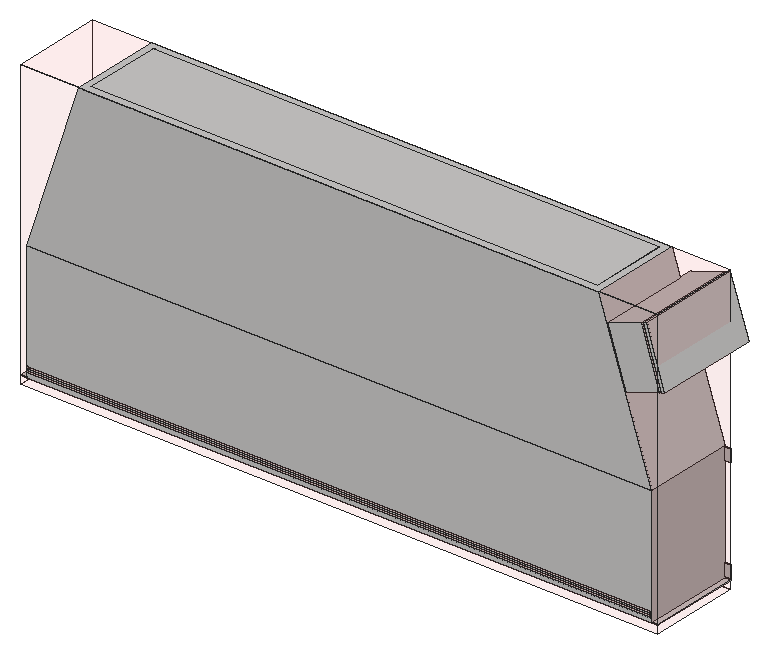
Revit family "Air-Curtain_Climate-Control_PoweredAire_TGD", category Mechanical Equipment, host Face, Revit 2020
Family settings
  Host = Face
  Round Connector Dimension = Use Diameter
  Part Type = Normal
  OmniClass Number = 23.75.35.17.21
  OmniClass Title = Air Curtains
  Cut with Voids When Loaded = No
  Shared = No
  Room Calculation Point = No
Parameters (values of type "144'' Nozzle")
  upperrotation [instance] = 0.00°
  lowerrotation [instance] = 0.00°
  locateupperpipe [instance] = 0' - 0"
  locatelowerpipe [instance] = 0' - 0"
  Warranty Duration (Years) = 0
  Unit Width Notes = "Other Widths available."  # constant formula
  Unit Width = 12' - 3 7/32"
  Unit Weight = 860
  Unit Height = 1' - 9"
  Unit Depth = 2' - 3 1/4"
  URL = "http://www.poweredaire.com/"
  Test Data = ""
  Standards Conformance = "Made in USA"
  Specification = "http://www.arcat.com/sdspecs/htm04/23_34_33pai.htm"
  SpecWizard = ""
  Sound Pressure = ">63 dBA"
  Sales Information = "http://www.poweredaire.com/contact_us"
  Revision = "R1_2016-08"
  Projection from Host [instance] = 0' - 2"
  Product Properties = ""
  Product Data = "http://www.arcat.com/arcatcos/cos47/arc47623.html"
  Power Rating = 0 W
  Piping_Water Flow [instance] = 0 GPM
  Piping_Operating Pressure [instance] = 0.00 psi
  Piping_Exit Temperature [instance] = 0 °F
  Piping_Entry Temperature [instance] = 0 °F
  Pipe OD [instance] = 5/8"
  Overall Depth = 5' - 4 1/4"
  Nozzle Width = if(1 = 1, Unit Width - 0' 3", 0' 0")  # 12' - 0 7/32"
  Mounting Width = if(1 = 1, Unit Width - 0' 1 1/2", 0' 0")  # 12' - 1 23/32"
  Mounting Height [instance] = 3' - 6"
  Motor RPM = 1630
  Motor HP = 0.75
  Motor Count = 4
  Model = "TDG-4-144"
  Max Height = 12' - 0"
  Manufacturer Website = "http://www.poweredaire.com/"
  Manufacturer Phone - Toll Free = "888-321-2473"
  Manufacturer Phone = "724-588-3305"
  Manufacturer Fax = "724-588-3371"
  Manufacturer Address = "109 Mortensen Rd.  Greenville, PA 16125"
  Manufacturer = "Powered Aire, Inc"
  Maintenance Schedule (Months) = 0
  Keynote = "23 34 33"
  Intake Width = 10' - 0"
  Installation-Fabrication = ""
  Installation Phase = ""
  Include Clearance [instance] = yes
  Heating Element Load = 0 W
  Filter Weight = 0
  Front Grating Material [instance] = Metal - Steel - PoweredAire - Stainless 304 Perforated
  HVAC_Temperature Rise = 105 °F
  HVAC_Primary CFM = 0 CFM
  HVAC_Outlet Volume = 10200 CFM
  HVAC_Outlet Velocity Uniformity = 0.95
  HVAC_Outlet Velocity = 3700 FPM
  HVAC_Exit Temperature [instance] = 0 °F
  HVAC_BTU Output = 1153000.0 Btu/h
  HVAC_BTU Input = 0.0 Btu/h
  Green Building-LEED = "http://www.arcat.com/green/clients/leed_data_47623.html"
  Gas Connection Diameter [instance] = 0"
  Frame Finish [instance] = Metal - Steel - PoweredAire - Stainless 304
  Expected Lifespan (Years) = 0
  Exhaust Connection Diameter = 0' - 5"
  Electrical_Wattage [instance] = Power Rating + Heating Element Load  # 0 W
  Electrical_Voltage [instance] = 0 V
  Electrical_Phase [instance] = 1
  Electrical_Frequency [instance] = 0 Hz
  Electrical_Amperage [instance] = 0 A
  Drawn By = "Sumex Design, Inc. / Robert S. Weygant, CSI, CDT, SCIP"
  Description = "Powered Aire Direct Gas Heated Climate Control Air Curtain - TDG-4-144 as Specified"
  Default Elevation = 0' - 0"  # constant formula
  Copyright = "©Arcat Inc."
  Construction Details = "http://www.arcat.com/details/powair/prod3336.html"
  Clearance_Top [instance] = 0' - 0"
  Clearance_Side B [instance] = 0' - 0"
  Clearance_Side A [instance] = 0' - 0"
  Clearance_Intake [instance] = 0' - 0"
  Clearance_Bottom [instance] = 0' - 0"
  Clearance Material [instance] = ARCAT Clearance
  Building Codes = ""
  Available Options [instance] = "as Specified"
  Assembly Code = "D3090400"
Types (7): name | Unit Width | Unit Weight | Nozzle Width | Mounting Width | Motor Count | Model | Intake Width | HVAC_Outlet Volume | HVAC_Outlet Velocity Uniformity | HVAC_Outlet Velocity | HVAC_BTU Output | Description
  144'' Nozzle | 12' - 3 7/32" | 860 | 12' - 0 7/32" | 12' - 1 23/32" | 4 | "TDG-4-144" | 10' - 0" | 10200 CFM | 0.95 | 3700 FPM | 1153000.0 Btu/h | "Powered Aire Direct Gas Heated Climate Control Air Curtain - TDG-4-144 as Specified"
  132'' Nozzle | 11' - 3 5/32" | 780 | 11' - 0 5/32" | 11' - 1 21/32" | 3 | "TDG-3-132" | 8' - 0" | 7600 CFM | 0.94 | 2800 FPM | 861000.0 Btu/h | "Powered Aire Direct Gas Heated Climate Control Air Curtain - TDG-3-132 as Specified"
  120'' Nozzle | 10' - 3 5/32" | 760 | 10' - 0 5/32" | 10' - 1 21/32" | 3 | "TDG-3-120" | 8' - 0" | 7600 CFM | 0.95 | 3200 FPM | 864000.0 Btu/h | "Powered Aire Direct Gas Heated Climate Control Air Curtain - TDG-3-120 as Specified"
  108'' Nozzle | 9' - 3 5/32" | 660 | 9' - 0 5/32" | 9' - 1 21/32" | 3 | "TDG-3-108" | 8' - 0" | 7600 CFM | 0.92 | 3700 FPM | 865000.0 Btu/h | "Powered Aire Direct Gas Heated Climate Control Air Curtain - TDG-3-108 as Specified"
  96'' Nozzle | 8' - 3 1/16" | 600 | 8' - 0 1/16" | 8' - 1 9/16" | 2 | "TDG-2-96" | 6' - 1" | 5100 CFM | 0.92 | 2800 FPM | 576000.0 Btu/h | "Powered Aire Direct Gas Heated Climate Control Air Curtain - TDG-2-96 as Specified"
  84'' Nozzle | 7' - 3 1/16" | 550 | 7' - 0 1/16" | 7' - 1 9/16" | 2 | "TDG-2-84" | 6' - 1" | 5100 CFM | 0.93 | 3200 FPM | 574000.0 Btu/h | "Powered Aire Direct Gas Heated Climate Control Air Curtain - TDG-2-84 as Specified"
  72'' Nozzle | 6' - 3 1/16" | 500 | 6' - 0 1/16" | 6' - 1 9/16" | 2 | "TDG-2-72" | 6' - 1" | 5100 CFM | 0.95 | 3700 FPM | 576000.0 Btu/h | "Powered Aire Direct Gas Heated Climate Control Air Curtain - TDG-2-72 as Specified"
Reference planes (in)
  plane 1 "Center (Elevation)": y = 0.13818
  plane 2: z = 0
  plane 3 "Center (Left/Right)": x = 0
  plane 4 "Top": y = 10.63818
  plane 5: y = -10.36182
  plane 6: x = -73.60937
  plane 7: x = 73.60938
  plane 8 "Front": z = 29.25
  plane 9 "FF": y = -41.86182
  plane 10: z = 2
  plane 11: x = 72.10938
  plane 12: x = -72.10937
  plane 13: y = 10.63818
  plane 14: y = -10.36182
  plane 15: x = -73.60937
  plane 16: x = 73.60938
  plane 17: z = 66.25
  plane 18: x = 72.04688
  plane 19: x = -72.04687
  plane 20: x = 72.10938
  plane 21: x = 72.10938
  plane 22: y = 8.13818
  plane 23: y = -7.86182
  plane 24: z = 66.25
  plane 25: x = -60
  plane 26: x = 60
Forms (in)
  Extrusion 1, solid, material "Metal - Steel - PoweredAire - Stainless 304" <- "Frame Finish"
    sketch origin (0, 0, 0) x (0, 1, 0) y (0, 0, 1)
      loop
        line (-10.36182, 2) -> (10.63818, 2) -> (10.63818, 29.25) -> (-10.36182, 29.25) -> (-10.36182, 2)
    from -72.10938 to 72.10938
  Extrusion 2, solid, material "ARCAT Clearance" <- "Clearance Material", visible <- "Include Clearance"
    sketch origin (0, 0, 0) x (0, 1, 0) y (0, 0, 1)
      loop
        line (-10.36182, 66.25) -> (-10.36182, 0) -> (10.63818, 0) -> (10.63818, 66.25) -> (-10.36182, 66.25)
    from -73.60937 to 73.60937
  Extrusion 3, solid, material "Metal - Steel - PoweredAire - Stainless 304" <- "Frame Finish"
    sketch origin (-15.17702, -180, 2) x (-1, 0, 0) y (0, -1, 0)
      loop
        line (-87.2864, -190.63818) -> (-87.2864, -169.63818) -> (-88.7864, -169.63818) -> (-88.7864, -190.63818) -> (-87.2864, -190.63818)
      loop
        line (56.93235, -190.63818) -> (58.43235, -190.63818) -> (58.43235, -169.63818) -> (56.93235, -169.63818) -> (56.93235, -190.63818)
    from 0 to 0.125
  Extrusion 4, solid, material "Metal - Steel - PoweredAire - Stainless 304" <- "Frame Finish"
    sketch origin (-11.83813, 10.63818, 48) x (-1, 0, 0) y (0, 0, 1)
      loop
        line (-83.9475, -45.5) -> (-83.9475, -42.75) -> (-85.4475, -42.75) -> (-85.4475, -45.5) -> (-83.9475, -45.5)
      loop
        line (-83.9475, -21.5) -> (-83.9475, -18.75) -> (-85.4475, -18.75) -> (-85.4475, -21.5) -> (-83.9475, -21.5)
      loop
        line (60.27125, -45.5) -> (61.77125, -45.5) -> (61.77125, -42.75) -> (60.27125, -42.75) -> (60.27125, -45.5)
      loop
        line (60.27125, -21.5) -> (61.77125, -21.5) -> (61.77125, -18.75) -> (60.27125, -18.75) -> (60.27125, -21.5)
    from 0 to -0.125
  Extrusion 5, void
    sketch origin (0, 0, 0) x (0, 1, 0) y (0, 0, 1)
      loop
        line (-10.36182, 3) -> (-9.36182, 3) -> (-9.36182, 4.5) -> (-10.36182, 4.5) -> (-10.36182, 3.82425) -> (-9.50864, 3.82425) -> (-9.50864, 3.57425) -> (-10.36182, 3.57425) -> (-10.36182, 3)
    from -72.04687 to 72.04688
  Extrusion 6, solid, material "Metal - Steel - PoweredAire - Stainless 304" <- "Frame Finish"
    sketch origin (0, 0.13818, 0) x (1, 0, 0) y (0, 0, 1)
      loop
        line (-72.10937, 29.25) -> (72.10938, 29.25) -> (60, 66.25) -> (-60, 66.25) -> (-72.10937, 29.25)
    from -10.5 to 10.5
  Extrusion 7, solid, material "Metal - Steel - PoweredAire - Stainless 304 Perforated" <- "Front Grating Material"
    sketch origin (-60, 0.13818, 66.25) x (1, 0, 0) y (0, 1, 0)
      loop
        line (1.5, 9) -> (1.5, -9) -> (118.5, -9) -> (118.5, 9) -> (1.5, 9)
    from 0 to 0.03125
  Extrusion 8, solid, material "Metal - Steel - PoweredAire - Stainless 304" <- "Frame Finish"
    sketch origin (60, 0.13818, 66.25) x (0.311046, 0, -0.950395) y (0, 1, 0)
      loop
        line (6, -10.5) -> (19.60097, -10.5) -> (19.60097, 13.5) -> (6, 13.5) -> (6, -10.5)
    from 0 to 9.625
  Sweep 9, void
    path in 3D
      loop
        line (71.01383, -10.36182, 63.54144) -> (75.24435, -10.36182, 50.61515) -> (75.24435, 13.63818, 50.61515) -> (71.01383, 13.63818, 63.54144) -> (71.01383, -10.36182, 63.54144)
    profile origin (71.01383, 1.63818, 63.54144) x (0.311046, 0, -0.950395) y (0.950395, 0, 0.311046)
      loop
        line (0, -0.75) -> (0, -1.25) -> (0.25, -1.25) -> (0.25, -0.75) -> (0, -0.75)
Cuts and joins
  Extrusion 5 cuts Extrusion 1
  Sweep 9 cuts Extrusion 8
Lines and regions (in)
  sketch lines
    curve 1: line (71.01383, 13.63818, 63.54144) -> (71.01383, -10.36182, 63.54144)
    curve 2: line (75.24435, 13.63818, 50.61515) -> (71.01383, 13.63818, 63.54144)
    curve 3: line (71.01383, -10.36182, 63.54144) -> (75.24435, -10.36182, 50.61515)
    curve 4: line (75.24435, -10.36182, 50.61515) -> (75.24435, 13.63818, 50.61515)
Dimensions and locks (in)
  equal spacing: plane 4 "Top", plane 1 "Center (Elevation)", plane 5
  "Unit Height": plane 4 "Top" to plane 5
  equal spacing: plane 6, plane 3 "Center (Left/Right)", plane 7
  "Unit Width": plane 6 to plane 7
  "Mounting Height": plane 1 "Center (Elevation)" to plane 9 "FF"
  "Projection from Host": plane 10 to level
  "Unit Depth": plane 8 "Front" to plane 10
  locked: plane 6 to plane 12 at 1.5
  locked: plane 11 to plane 7 at 1.5
  "Clearance_Side A": plane 7 to plane 16
  "Clearance_Side B": plane 15 to plane 6
  "Clearance_Top": plane 13 to plane 4 "Top"
  "Clearance_Bottom": plane 5 to plane 14
  "Clearance_Intake": plane 17 to plane 24
  Extrusion 5 sketch curve to Extrusion 5 sketch curve to Extrusion 5 sketch curve to Extrusion 5 sketch curve to plane 10 = 0' - 0.67575" locked, 0' - 0 1/4" locked, 0' - 0.57425" locked, 0' - 1" locked
  plane 5 to Extrusion 5 sketch curve to Extrusion 5 sketch curve = 0' - 0.85319" locked, 0' - 0.14681" locked
  locked: plane 19 to plane 12 at 0.0625
  locked: plane 11 to plane 18 at 0.0625
  "locateupperpipe": plane 20 to plane 11
  "locatelowerpipe": plane 21 to plane 11
  locked: plane 4 "Top" to plane 22 at 2.5
  locked: plane 23 to plane 5 at 2.5
  "Overall Depth": plane 24 to plane 10
  Extrusion 4 sketch curve to Extrusion 4 sketch curve to plane 10 = 0' - 2 3/4" locked, 0' - 0 1/2" locked  (x2)
  plane 8 "Front" to Extrusion 4 sketch curve to Extrusion 4 sketch curve = 0' - 0" locked, 0' - 2 3/4" locked  (x2)
  equal spacing: plane 25, plane 3 "Center (Left/Right)", plane 26
  "Intake Width": plane 25 to plane 26
  locked: plane 4 "Top" to Extrusion 7 sketch curve at 1.5
  locked: Extrusion 7 sketch curve to plane 5 at 1.5
  locked: plane 25 to Extrusion 7 sketch curve at 1.5
  locked: Extrusion 7 sketch curve to plane 26 at 1.5
  aligned and locked: plane 2 to host face
  aligned and locked: level to host face
  aligned and locked: Extrusion 2 sketch curve to plane 17
  aligned and locked: plane 14 to Extrusion 2 sketch curve
  aligned and locked: level to Extrusion 2 sketch curve
  aligned and locked: Extrusion 2 sketch curve to plane 13
  aligned and locked: plane 16 to Extrusion 2
  aligned and locked: Extrusion 2 to plane 15
  aligned and locked: plane 11 to Extrusion 1
  aligned and locked: Extrusion 1 to plane 12
  aligned and locked: Extrusion 1 sketch curve to plane 8 "Front"
  aligned and locked: plane 18 to cut or joined group of Extrusion 1, Extrusion 5
  aligned and locked: cut or joined group of Extrusion 1, Extrusion 5 to plane 19
  aligned and locked: Extrusion 6 sketch curve to plane 8 "Front"
  aligned and locked: plane 21 to Extrusion 6 sketch curve
  aligned and locked: plane 12 to Extrusion 6 sketch curve
  aligned and locked: Extrusion 6 sketch curve to plane 24
  aligned and locked: plane 25 to Extrusion 6 sketch curve
  aligned and locked: plane 26 to Extrusion 6 sketch curve
  aligned and locked: plane 4 "Top" to Extrusion 6
  aligned and locked: Extrusion 6 to plane 5
Automatic sketch dimensions
  host sketch curve to host sketch curve = 8' - 0"  (x2)
  plane 4 "Top" to Extrusion 3 sketch curve = 0' - 0"
  Extrusion 3 sketch curve to plane 7 = 0' - 0"
  plane 5 to Extrusion 3 sketch curve = 0' - 0"
  Extrusion 3 sketch curve to plane 11 = 0' - 0"
  Extrusion 3 sketch curve to plane 4 "Top" = 0' - 0"
  Extrusion 3 sketch curve to plane 12 = 0' - 0"
  Extrusion 3 sketch curve to plane 6 = 0' - 0"
  Extrusion 3 sketch curve to plane 5 = 0' - 0"
  Extrusion 4 sketch curve to plane 7 = 0' - 0"  (x2)
  Extrusion 4 sketch curve to plane 11 = 0' - 0"  (x2)
  Extrusion 4 sketch curve to plane 12 = 0' - 0"  (x2)
  Extrusion 4 sketch curve to plane 6 = 0' - 0"  (x2)
  Extrusion 5 sketch curve to plane 5 = 0' - 0"  (x2)
  Extrusion 1 sketch curve to plane 5 = 0' - 0"
  Extrusion 1 sketch curve to plane 4 "Top" = 0' - 0"
  Extrusion 1 sketch curve to plane 10 = 0' - 0"
  Extrusion 8 sketch curve to Extrusion 6 = 0' - 3"
  Extrusion 6 to Extrusion 8 sketch curve = 1' - 7.33021"
  Extrusion 8 sketch curve to Extrusion 6 = 0' - 0"
  Extrusion 8 sketch curve to Extrusion 6 = 0' - 6"
  profile plane to Sweep 9 sketch curve = 0' - 0"
  Sweep 9 sketch curve to profile plane = 0' - 0 3/4"
  Sweep 9 sketch curve to Sweep 9 sketch curve = 0' - 0 1/2"
  Sweep 9 sketch curve to Sweep 9 sketch curve = 0' - 0 1/4"
Connectors (in)
  electrical at (-72.10937, 0.13818, 15.625), driven by "Electrical_Voltage", driven by "Electrical_Phase"
    settings: on cut or joined group of Extrusion 1, Extrusion 5, index 3, voltage 0 V, apparent load 0 VA, apparent load phase1 0 VA, apparent load phase2 0 VA, apparent load phase3 0 VA, power factor 1, load classification "Motor", number of poles 1, system type 31, power factor state 1, is connector primary yes, connector utility no, sub classification motor no, connector description ""
